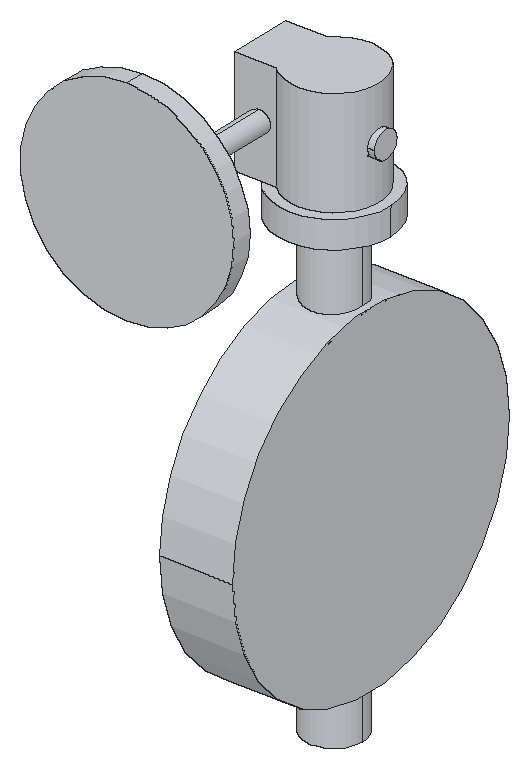
Revit family "HS497-67_disk-litina-převodové kolo DN400-RFA_2019", category Pipe Accessories, Revit 2019
Family settings
  Round Connector Dimension = Use Diameter
  Part Type = Valve - Breaks Into
  Work Plane-Based = No
  Always vertical = Yes
  Cut with Voids When Loaded = No
  Shared = No
Parameters (values of type "HS 497-67_DN400_PN10_převodové kolo")
  magiProductId = "cc64a4384dcb41b780d81810f4f293"
  magiProductFamilyId = "53cea81e6f374d17b8841d9c72ad77"
  magiPartTypeId = 305
  isMeasuringValve [instance] = no
  ang2D [instance] = 0.00°
  X11 = 109.255 mm
  X1 = 45.255 mm
  W2D = 1000 mm
  VersionID = "2.0/2017.9.26.1/ZETKAMA_497_001"
  Use Minimum Symbol Size [instance] = yes
  URL = "http://www.hydronic.cz"
  Type Comments = "mezipřírubová; litinový disk; PN10; -10~+110°C (krátkodobě +120°C)"
  SW30 = yes
  SW3 = yes
  SW21 = no
  SW20 = no
  SW2 = no
  SW1 = no
  R = 200 mm
  QmdConnectorList = "301;D;302;D"
  Productdata [instance] = ""
  NC = 72.5 mm
  Model = ""
  Manufacturer = "Hydronic Systems Prague s.r.o."
  MM20 = 45.255 mm
  MC Product Code = "125 400 (litinový disk, s převodovým kolem; DN400; PN10, kvs13799)"
  M41 = 103.5 mm
  M4 = 69 mm
  LHL = 220 mm
  LHH3 = 2.45 mm
  LHH1 = 46.55 mm
  LH1 = 73.333 mm
  L4R__ve = -L4R  # -27.8 mm
  L4R = 27.8 mm
  L42__ve = -L42  # -208.5 mm
  L42 = 208.5 mm
  L41__ve = -L41  # -41.7 mm
  L41 = 41.7 mm
  L2D_Min = 3048 mm
  L2D = 216 mm
  L2 = 51 mm
  L1 = 81.6 mm
  L = 102 mm
  H = 31 mm
  G22 = 11.25 mm
  G2 = 22.5 mm
  G1 = 90 mm
  G = 160 mm
  F = 27 mm
  E44 = 75 mm
  E42 = 150 mm
  E4 = 300 mm
  E23 = 4.9 mm
  E22 = 19.6 mm
  E21 = 9.8 mm
  Description = "Mezipřírubová uzavírací klapka s převodovým kolem; litinový disk, DN400; PN10; kvs13799"
  DR2 = 200 mm
  DR = 485 mm
  DD1 = 37.5 mm
  DD = 30 mm
  D = 400 mm
  CAT0 = yes
  B2__ve = -B2  # -108 mm
  B2 = 108 mm
  A2 = 38 mm
  A1 = 142 mm
Types (43, lengths in mm): name | magiProductId | X11 | X1 | Type Comments | SW30 | SW3 | SW20 | SW2 | SW1 | R | NC | MM20 | MC Product Code | M41 | M4 | LHL | LHH3 | LHH1 | LH1 | L4R__ve | L4R | L42__ve | L42 | L41__ve | L41 | L2 | L1 | L | H | G | F | E44 | E42 | E4 | E23 | E22 | E21 | Description | DR2 | DR | DD1 | DD | D | B2__ve | B2 | A2 | A1
  HS 497-67_DN100_PN16_volné vřeteno | "65d1b245f4f142c78569c0602d5754" | 61.456 | 25.456 | "mezipřírubová; litinový disk; PN16; -10~+110°C (krátkodobě +120°C)" | no | no | no | no | yes | 50 | 50 | 25.456 | "123 100 (litinový disk, s volným vřetenem; DN100; PN16, kvs512)" | 66 | 44 | 220 | 2.45 | 46.55 | 73.333 | -12.8 | 12.8 | -96 | 96 | -19.2 | 19.2 | 26 | 41.6 | 52 | 30 | 90 | 11 | 31.25 | 62.5 | 125 | 4.9 | 19.6 | 9.8 | "Mezipřírubová uzavírací klapka s volným vřetenem; litinový disk, DN100; PN16; kvs512" | 50 | 147 | 15.625 | 12.5 | 100 | -56 | 56 | 16.5 | 98.5
  HS 497-67_DN100_PN16_převodové kolo | "11e91b807e674d428c8e796fcdcfe2" | 61.456 | 25.456 | "mezipřírubová; litinový disk; PN16; -10~+110°C (krátkodobě +120°C)" | yes | yes | no | no | no | 50 | 50 | 25.456 | "125 100 (litinový disk, s převodovým kolem; DN100; PN16, kvs512)" | 65.25 | 43.5 | 220 | 2.45 | 46.55 | 73.333 | -12.8 | 12.8 | -96 | 96 | -19.2 | 19.2 | 26 | 41.6 | 52 | 30 | 90 | 11 | 31.25 | 62.5 | 125 | 4.9 | 19.6 | 9.8 | "Mezipřírubová uzavírací klapka s převodovým kolem; litinový disk, DN100; PN16; kvs512" | 50 | 147 | 15.625 | 12.5 | 100 | -56 | 56 | 16.5 | 98.5
  HS 497-67_DN100_PN16_s pákou | "28172f0b3f4b47b28323ac71cf8749" | 61.456 | 25.456 | "mezipřírubová; litinový disk; PN16; -10~+110°C (krátkodobě +120°C)" | no | no | yes | yes | no | 50 | 50 | 25.456 | "120 100 (litinový disk, s pákou; DN100; PN16, kvs512)" | 66 | 44 | 260 | 3 | 57 | 86.667 | -12.8 | 12.8 | -96 | 96 | -19.2 | 19.2 | 26 | 41.6 | 52 | 30 | 90 | 11 | 31.25 | 62.5 | 125 | 6 | 24 | 12 | "Mezipřírubová uzavírací klapka s pákou; litinový disk, DN100; PN16; kvs512" | 50 | 147 | 15.625 | 12.5 | 100 | -56 | 56 | 16.5 | 98.5
  HS 497-67_DN125_PN16_volné vřeteno | "0d813d910fc14f628bb3c2efbd185c" | 61.456 | 25.456 | "mezipřírubová; litinový disk; PN16; -10~+110°C (krátkodobě +120°C)" | no | no | no | no | yes | 62.5 | 50 | 25.456 | "123 125 (litinový disk, s volným vřetenem; DN125; PN16, kvs872)" | 66 | 44 | 220 | 2.45 | 46.55 | 73.333 | -12.8 | 12.8 | -96 | 96 | -19.2 | 19.2 | 28 | 44.8 | 56 | 33 | 90 | 14 | 31.25 | 62.5 | 125 | 4.9 | 19.6 | 9.8 | "Mezipřírubová uzavírací klapka s volným vřetenem; litinový disk, DN125; PN16; kvs872" | 62.5 | 180 | 15.625 | 12.5 | 125 | -64 | 64 | 18 | 99.5
  HS 497-67_DN125_PN16_převodové kolo | "c56b7c13f372467684996fb1e0e229" | 61.456 | 25.456 | "mezipřírubová; litinový disk; PN16; -10~+110°C (krátkodobě +120°C)" | yes | yes | no | no | no | 62.5 | 50 | 25.456 | "125 125 (litinový disk, s převodovým kolem; DN125; PN16, kvs872)" | 65.25 | 43.5 | 220 | 2.45 | 46.55 | 73.333 | -13.5 | 13.5 | -101.25 | 101.25 | -20.25 | 20.25 | 28 | 44.8 | 56 | 33 | 90 | 14 | 40 | 80 | 160 | 4.9 | 19.6 | 9.8 | "Mezipřírubová uzavírací klapka s převodovým kolem; litinový disk, DN125; PN16; kvs872" | 62.5 | 180 | 20 | 16 | 125 | -64 | 64 | 18 | 99.5
  HS 497-67_DN125_PN16_s pákou | "105993c79a91492399feef7931321a" | 61.456 | 25.456 | "mezipřírubová; litinový disk; PN16; -10~+110°C (krátkodobě +120°C)" | no | no | yes | yes | no | 62.5 | 50 | 25.456 | "120 125 (litinový disk, s pákou; DN125; PN16, kvs872)" | 66 | 44 | 315 | 3.75 | 71.25 | 105 | -12.8 | 12.8 | -96 | 96 | -19.2 | 19.2 | 28 | 44.8 | 56 | 33 | 90 | 14 | 31.25 | 62.5 | 125 | 7.5 | 30 | 15 | "Mezipřírubová uzavírací klapka s pákou; litinový disk, DN125; PN16; kvs872" | 62.5 | 180 | 15.625 | 12.5 | 125 | -64 | 64 | 18 | 99.5
  HS 497-67_DN150_PN16_volné vřeteno | "50c80cb8ab434f55ab7796e5ac1331" | 61.456 | 25.456 | "mezipřírubová; litinový disk; PN16; -10~+110°C (krátkodobě +120°C)" | no | no | no | no | yes | 75 | 50 | 25.456 | "123 150 (litinový disk, s volným vřetenem; DN150; PN16, kvs1347)" | 66 | 44 | 220 | 2.45 | 46.55 | 73.333 | -12.8 | 12.8 | -96 | 96 | -19.2 | 19.2 | 28 | 44.8 | 56 | 33 | 90 | 14 | 31.25 | 62.5 | 125 | 4.9 | 19.6 | 9.8 | "Mezipřírubová uzavírací klapka s volným vřetenem; litinový disk, DN150; PN16; kvs1347" | 75 | 206 | 15.625 | 12.5 | 150 | -58 | 58 | 19.3 | 98.7
  HS 497-67_DN150_PN16_převodové kolo | "d94a1a0cf83b476eb10011b327f709" | 61.456 | 25.456 | "mezipřírubová; litinový disk; PN16; -10~+110°C (krátkodobě +120°C)" | yes | yes | no | no | no | 75 | 50 | 25.456 | "125 150 (litinový disk, s převodovým kolem; DN150; PN16, kvs1347)" | 65.25 | 43.5 | 220 | 2.45 | 46.55 | 73.333 | -13.5 | 13.5 | -101.25 | 101.25 | -20.25 | 20.25 | 28 | 44.8 | 56 | 33 | 90 | 14 | 40 | 80 | 160 | 4.9 | 19.6 | 9.8 | "Mezipřírubová uzavírací klapka s převodovým kolem; litinový disk, DN150; PN16; kvs1347" | 75 | 206 | 20 | 16 | 150 | -58 | 58 | 19.3 | 98.7
  HS 497-67_DN150_PN16_s pákou | "4d2835523fe84828bc50ff0a5a0dfb" | 61.456 | 25.456 | "mezipřírubová; litinový disk; PN16; -10~+110°C (krátkodobě +120°C)" | no | no | yes | yes | no | 75 | 50 | 25.456 | "120 150 (litinový disk, s pákou; DN150; PN16, kvs1347)" | 66 | 44 | 315 | 3.75 | 71.25 | 105 | -12.8 | 12.8 | -96 | 96 | -19.2 | 19.2 | 28 | 44.8 | 56 | 33 | 90 | 14 | 31.25 | 62.5 | 125 | 7.5 | 30 | 15 | "Mezipřírubová uzavírací klapka s pákou; litinový disk, DN150; PN16; kvs1347" | 75 | 206 | 15.625 | 12.5 | 150 | -58 | 58 | 19.3 | 98.7
  HS 497-67_DN200_PN16_volné vřeteno | "5b29029eaeba47139ee1055a4b9201" | 61.456 | 25.456 | "mezipřírubová; litinový disk; PN16; -10~+110°C (krátkodobě +120°C)" | no | no | no | no | yes | 100 | 50 | 25.456 | "123 200 (litinový disk, s volným vřetenem; DN200; PN16, kvs2675)" | 66 | 44 | 220 | 2.45 | 46.55 | 73.333 | -12.8 | 12.8 | -96 | 96 | -19.2 | 19.2 | 30 | 48 | 60 | 33 | 90 | 17 | 31.25 | 62.5 | 125 | 4.9 | 19.6 | 9.8 | "Mezipřírubová uzavírací klapka s volným vřetenem; litinový disk, DN200; PN16; kvs2675" | 100 | 257 | 15.625 | 12.5 | 200 | -70 | 70 | 22.5 | 102.5
  HS 497-67_DN200_PN16_převodové kolo | "b2793cc1fcc44cf2a35062cd67c04f" | 61.456 | 25.456 | "mezipřírubová; litinový disk; PN16; -10~+110°C (krátkodobě +120°C)" | yes | yes | no | no | no | 100 | 57 | 25.456 | "125 200 (litinový disk, s převodovým kolem; DN200; PN16, kvs2675)" | 78.75 | 52.5 | 220 | 2.45 | 46.55 | 73.333 | -15.2 | 15.2 | -114 | 114 | -22.8 | 22.8 | 30 | 48 | 60 | 33 | 90 | 17 | 50 | 100 | 200 | 4.9 | 19.6 | 9.8 | "Mezipřírubová uzavírací klapka s převodovým kolem; litinový disk, DN200; PN16; kvs2675" | 100 | 257 | 25 | 20 | 200 | -70 | 70 | 22.5 | 102.5
  HS 497-67_DN200_PN16_s pákou | "f88d96c7af224537a51e72d7d8fffe" | 61.456 | 25.456 | "mezipřírubová; litinový disk; PN16; -10~+110°C (krátkodobě +120°C)" | no | no | yes | yes | no | 100 | 50 | 25.456 | "120 200 (litinový disk, s pákou; DN200; PN16, kvs2675)" | 66 | 44 | 315 | 3.75 | 71.25 | 105 | -12.8 | 12.8 | -96 | 96 | -19.2 | 19.2 | 30 | 48 | 60 | 33 | 90 | 17 | 31.25 | 62.5 | 125 | 7.5 | 30 | 15 | "Mezipřírubová uzavírací klapka s pákou; litinový disk, DN200; PN16; kvs2675" | 100 | 257 | 15.625 | 12.5 | 200 | -70 | 70 | 22.5 | 102.5
  HS 497-67_DN250_PN16_volné vřeteno | "b662e8305ca2402b9c510e66e6aa55" | 88.77 | 36.77 | "mezipřírubová; litinový disk; PN16; -10~+110°C (krátkodobě +120°C)" | no | no | no | no | yes | 125 | 50 | 36.77 | "123 250 (litinový disk, s volným vřetenem; DN250; PN16, kvs4555)" | 66 | 44 | 220 | 2.45 | 46.55 | 73.333 | -12.8 | 12.8 | -96 | 96 | -19.2 | 19.2 | 34 | 54.4 | 68 | 23 | 130 | 22 | 31.25 | 62.5 | 125 | 4.9 | 19.6 | 9.8 | "Mezipřírubová uzavírací klapka s volným vřetenem; litinový disk, DN250; PN16; kvs4555" | 125 | 324 | 15.625 | 12.5 | 250 | -85 | 85 | 28.25 | 129.25
  HS 497-67_DN250_PN16_převodové kolo | "5ee9016806664ddfaa2632711f295c" | 88.77 | 36.77 | "mezipřírubová; litinový disk; PN16; -10~+110°C (krátkodobě +120°C)" | yes | yes | no | no | no | 125 | 70 | 36.77 | "125 250 (litinový disk, s převodovým kolem; DN250; PN16, kvs4555)" | 91.5 | 61 | 220 | 2.45 | 46.55 | 73.333 | -22.2 | 22.2 | -166.5 | 166.5 | -33.3 | 33.3 | 34 | 54.4 | 68 | 23 | 130 | 22 | 62.5 | 125 | 250 | 4.9 | 19.6 | 9.8 | "Mezipřírubová uzavírací klapka s převodovým kolem; litinový disk, DN250; PN16; kvs4555" | 125 | 324 | 31.25 | 25 | 250 | -85 | 85 | 28.25 | 129.25
  HS 497-67_DN300_PN16_volné vřeteno | "e1886f51ff004380a649519258edf2" | 88.77 | 36.77 | "mezipřírubová; litinový disk; PN16; -10~+110°C (krátkodobě +120°C)" | no | no | no | no | yes | 150 | 50 | 36.77 | "123 300 (litinový disk, s volným vřetenem; DN300; PN16, kvs7037)" | 66 | 44 | 220 | 2.45 | 46.55 | 73.333 | -12.8 | 12.8 | -96 | 96 | -19.2 | 19.2 | 39 | 62.4 | 78 | 23 | 130 | 22 | 31.25 | 62.5 | 125 | 4.9 | 19.6 | 9.8 | "Mezipřírubová uzavírací klapka s volným vřetenem; litinový disk, DN300; PN16; kvs7037" | 150 | 376 | 15.625 | 12.5 | 300 | -90 | 90 | 30.8 | 127.2
  HS 497-67_DN300_PN16_převodové kolo | "6860f094f77d42088fbebc3c97f755" | 88.77 | 36.77 | "mezipřírubová; litinový disk; PN16; -10~+110°C (krátkodobě +120°C)" | yes | yes | no | no | no | 150 | 70 | 36.77 | "125 300 (litinový disk, s převodovým kolem; DN300; PN16, kvs7037)" | 91.5 | 61 | 220 | 2.45 | 46.55 | 73.333 | -22.2 | 22.2 | -166.5 | 166.5 | -33.3 | 33.3 | 39 | 62.4 | 78 | 23 | 130 | 22 | 62.5 | 125 | 250 | 4.9 | 19.6 | 9.8 | "Mezipřírubová uzavírací klapka s převodovým kolem; litinový disk, DN300; PN16; kvs7037" | 150 | 376 | 31.25 | 25 | 300 | -90 | 90 | 30.8 | 127.2
  HS 497-67_DN032_PN16_volné vřeteno | "8c5f65de52aa4067a77564107e31b2" | 61.456 | 25.456 | "mezipřírubová; litinový disk; PN16; -10~+110°C (krátkodobě +120°C)" | no | no | no | no | yes | 16 | 50 | 25.456 | "123 032 (litinový disk, s volným vřetenem; DN32; PN16, kvs78)" | 66 | 44 | 220 | 2.45 | 46.55 | 73.333 | -12.8 | 12.8 | -96 | 96 | -19.2 | 19.2 | 16.5 | 26.4 | 33 | 30 | 90 | 11 | 31.25 | 62.5 | 125 | 4.9 | 19.6 | 9.8 | "Mezipřírubová uzavírací klapka s volným vřetenem; litinový disk, DN32; PN16; kvs78" | 16 | 68 | 15.625 | 12.5 | 32 | -44.2 | 44.2 | 10.25 | 76.25
  HS 497-67_DN032_PN16_převodové kolo | "60aaeffa8b3a4e809ef000e4660060" | 61.456 | 25.456 | "mezipřírubová; litinový disk; PN16; -10~+110°C (krátkodobě +120°C)" | yes | yes | no | no | no | 16 | 50 | 25.456 | "125 032 (litinový disk, s převodovým kolem; DN32; PN16, kvs78)" | 65.25 | 43.5 | 220 | 2.45 | 46.55 | 73.333 | -12.8 | 12.8 | -96 | 96 | -19.2 | 19.2 | 16.5 | 26.4 | 33 | 30 | 90 | 11 | 31.25 | 62.5 | 125 | 4.9 | 19.6 | 9.8 | "Mezipřírubová uzavírací klapka s převodovým kolem; litinový disk, DN32; PN16; kvs78" | 16 | 68 | 15.625 | 12.5 | 32 | -44.2 | 44.2 | 10.25 | 76.25
  HS 497-67_DN032_PN16_s pákou | "9ad8088d610749a1b871aa2aad8007" | 61.456 | 25.456 | "mezipřírubová; litinový disk; PN16; -10~+110°C (krátkodobě +120°C)" | no | no | yes | yes | no | 16 | 50 | 25.456 | "120 032 (litinový disk, s pákou; DN32; PN16, kvs78)" | 66 | 44 | 220 | 2.45 | 46.55 | 73.333 | -12.8 | 12.8 | -96 | 96 | -19.2 | 19.2 | 16.5 | 26.4 | 33 | 30 | 90 | 11 | 31.25 | 62.5 | 125 | 4.9 | 19.6 | 9.8 | "Mezipřírubová uzavírací klapka s pákou; litinový disk, DN32; PN16; kvs78" | 16 | 68 | 15.625 | 12.5 | 32 | -44.2 | 44.2 | 10.25 | 76.25
  HS 497-67_DN350_PN10_volné vřeteno | "72a1e05f22944421b7e9596a877137" | 109.255 | 45.255 | "mezipřírubová; litinový disk; PN10; -10~+110°C (krátkodobě +120°C)" | no | no | no | no | yes | 175 | 50 | 45.255 | "123 350 (litinový disk, s volným vřetenem; DN350; PN10, kvs10165)" | 66 | 44 | 220 | 2.45 | 46.55 | 73.333 | -12.8 | 12.8 | -96 | 96 | -19.2 | 19.2 | 39 | 62.4 | 78 | 31 | 160 | 22 | 31.25 | 62.5 | 125 | 4.9 | 19.6 | 9.8 | "Mezipřírubová uzavírací klapka s volným vřetenem; litinový disk, DN350; PN10; kvs10165" | 175 | 430 | 15.625 | 12.5 | 350 | -88 | 88 | 33.85 | 129.65
  HS 497-67_DN350_PN10_převodové kolo | "a5a01426cb28494ba3afca92f1dace" | 109.255 | 45.255 | "mezipřírubová; litinový disk; PN10; -10~+110°C (krátkodobě +120°C)" | yes | yes | no | no | no | 175 | 70 | 45.255 | "125 350 (litinový disk, s převodovým kolem; DN350; PN10, kvs10165)" | 91.5 | 61 | 220 | 2.45 | 46.55 | 73.333 | -22.2 | 22.2 | -166.5 | 166.5 | -33.3 | 33.3 | 39 | 62.4 | 78 | 31 | 160 | 22 | 62.5 | 125 | 250 | 4.9 | 19.6 | 9.8 | "Mezipřírubová uzavírací klapka s převodovým kolem; litinový disk, DN350; PN10; kvs10165" | 175 | 430 | 31.25 | 25 | 350 | -88 | 88 | 33.85 | 129.65
  HS 497-67_DN400_PN10_volné vřeteno | "c70ebeb927c04ab99b176e257ad0a7" | 109.255 | 45.255 | "mezipřírubová; litinový disk; PN10; -10~+110°C (krátkodobě +120°C)" | no | no | no | no | yes | 200 | 50 | 45.255 | "123 400 (litinový disk, s volným vřetenem; DN400; PN10, kvs13799)" | 66 | 44 | 220 | 2.45 | 46.55 | 73.333 | -12.8 | 12.8 | -96 | 96 | -19.2 | 19.2 | 51 | 81.6 | 102 | 31 | 160 | 27 | 31.25 | 62.5 | 125 | 4.9 | 19.6 | 9.8 | "Mezipřírubová uzavírací klapka s volným vřetenem; litinový disk, DN400; PN10; kvs13799" | 200 | 485 | 15.625 | 12.5 | 400 | -108 | 108 | 38 | 142
  HS 497-67_DN400_PN10_převodové kolo | "cc64a4384dcb41b780d81810f4f293" | 109.255 | 45.255 | "mezipřírubová; litinový disk; PN10; -10~+110°C (krátkodobě +120°C)" | yes | yes | no | no | no | 200 | 72.5 | 45.255 | "125 400 (litinový disk, s převodovým kolem; DN400; PN10, kvs13799)" | 103.5 | 69 | 220 | 2.45 | 46.55 | 73.333 | -27.8 | 27.8 | -208.5 | 208.5 | -41.7 | 41.7 | 51 | 81.6 | 102 | 31 | 160 | 27 | 75 | 150 | 300 | 4.9 | 19.6 | 9.8 | "Mezipřírubová uzavírací klapka s převodovým kolem; litinový disk, DN400; PN10; kvs13799" | 200 | 485 | 37.5 | 30 | 400 | -108 | 108 | 38 | 142
  HS 497-67_DN040_PN16_volné vřeteno | "35f92312390745e88df5b5c325d9ee" | 61.456 | 25.456 | "mezipřírubová; litinový disk; PN16; -10~+110°C (krátkodobě +120°C)" | no | no | no | no | yes | 20 | 50 | 25.456 | "123 040 (litinový disk, s volným vřetenem; DN40; PN16, kvs78)" | 66 | 44 | 220 | 2.45 | 46.55 | 73.333 | -12.8 | 12.8 | -96 | 96 | -19.2 | 19.2 | 16.5 | 26.4 | 33 | 30 | 90 | 11 | 31.25 | 62.5 | 125 | 4.9 | 19.6 | 9.8 | "Mezipřírubová uzavírací klapka s volným vřetenem; litinový disk, DN40; PN16; kvs78" | 20 | 76 | 15.625 | 12.5 | 40 | -36 | 36 | 11 | 79
  HS 497-67_DN040_PN16_převodové kolo | "d88e968eae3445bc9b7b4e6ff35127" | 61.456 | 25.456 | "mezipřírubová; litinový disk; PN16; -10~+110°C (krátkodobě +120°C)" | yes | yes | no | no | no | 20 | 50 | 25.456 | "125 040 (litinový disk, s převodovým kolem; DN40; PN16, kvs78)" | 65.25 | 43.5 | 220 | 2.45 | 46.55 | 73.333 | -12.8 | 12.8 | -96 | 96 | -19.2 | 19.2 | 16.5 | 26.4 | 33 | 30 | 90 | 11 | 31.25 | 62.5 | 125 | 4.9 | 19.6 | 9.8 | "Mezipřírubová uzavírací klapka s převodovým kolem; litinový disk, DN40; PN16; kvs78" | 20 | 76 | 15.625 | 12.5 | 40 | -36 | 36 | 11 | 79
  HS 497-67_DN040_PN16_s pákou | "c1b522ca65b4407a98818f232eaacb" | 61.456 | 25.456 | "mezipřírubová; litinový disk; PN16; -10~+110°C (krátkodobě +120°C)" | no | no | yes | yes | no | 20 | 50 | 25.456 | "120 040 (litinový disk, s pákou; DN40; PN16, kvs78)" | 66 | 44 | 220 | 2.45 | 46.55 | 73.333 | -12.8 | 12.8 | -96 | 96 | -19.2 | 19.2 | 16.5 | 26.4 | 33 | 30 | 90 | 11 | 31.25 | 62.5 | 125 | 4.9 | 19.6 | 9.8 | "Mezipřírubová uzavírací klapka s pákou; litinový disk, DN40; PN16; kvs78" | 20 | 76 | 15.625 | 12.5 | 40 | -36 | 36 | 11 | 79
  HS 497-67_DN450_PN10_volné vřeteno | "a8358bc282f14872b3194e530e590a" | 129.74 | 53.74 | "mezipřírubová; litinový disk; PN10; -10~+110°C (krátkodobě +120°C)" | no | no | no | no | yes | 225 | 50 | 53.74 | "123 450 (litinový disk, s volným vřetenem; DN450; PN10, kvs18514)" | 66 | 44 | 220 | 2.45 | 46.55 | 73.333 | -12.8 | 12.8 | -96 | 96 | -19.2 | 19.2 | 57 | 91.2 | 114 | 38 | 190 | 36 | 31.25 | 62.5 | 125 | 4.9 | 19.6 | 9.8 | "Mezipřírubová uzavírací klapka s volným vřetenem; litinový disk, DN450; PN10; kvs18514" | 225 | 536 | 15.625 | 12.5 | 450 | -115 | 115 | 38.05 | 117.45
  HS 497-67_DN450_PN10_převodové kolo | "cdf2d80f54a9414f9cbe50647c0ebd" | 129.74 | 53.74 | "mezipřírubová; litinový disk; PN10; -10~+110°C (krátkodobě +120°C)" | yes | yes | no | no | no | 225 | 91.5 | 53.74 | "125 450 (litinový disk, s převodovým kolem; DN450; PN10, kvs18514)" | 144.75 | 96.5 | 220 | 2.45 | 46.55 | 73.333 | -32.1 | 32.1 | -240.75 | 240.75 | -48.15 | 48.15 | 57 | 91.2 | 114 | 38 | 190 | 36 | 100 | 200 | 400 | 4.9 | 19.6 | 9.8 | "Mezipřírubová uzavírací klapka s převodovým kolem; litinový disk, DN450; PN10; kvs18514" | 225 | 536 | 50 | 40 | 450 | -115 | 115 | 38.05 | 117.45
  HS 497-67_DN500_PN10_volné vřeteno | "8c396e27bb2743f98f3c762b6517cd" | 143.397 | 59.397 | "mezipřírubová; litinový disk; PN10; -10~+110°C (krátkodobě +120°C)" | no | no | no | no | yes | 250 | 50 | 59.397 | "123 500 (litinový disk, s volným vřetenem; DN500; PN10, kvs23805)" | 66 | 44 | 220 | 2.45 | 46.55 | 73.333 | -12.8 | 12.8 | -96 | 96 | -19.2 | 19.2 | 63.5 | 101.6 | 127 | 38 | 210 | 36 | 31.25 | 62.5 | 125 | 4.9 | 19.6 | 9.8 | "Mezipřírubová uzavírací klapka s volným vřetenem; litinový disk, DN500; PN10; kvs23805" | 250 | 593 | 15.625 | 12.5 | 500 | -130 | 130 | 43.25 | 139.25
  HS 497-67_DN500_PN10_převodové kolo | "7647804f32e94cef828a7034a91a46" | 143.397 | 59.397 | "mezipřírubová; litinový disk; PN10; -10~+110°C (krátkodobě +120°C)" | yes | yes | no | no | no | 250 | 91.5 | 59.397 | "125 500 (litinový disk, s převodovým kolem; DN500; PN10, kvs23805)" | 144.75 | 96.5 | 220 | 2.45 | 46.55 | 73.333 | -32.1 | 32.1 | -240.75 | 240.75 | -48.15 | 48.15 | 63.5 | 101.6 | 127 | 38 | 210 | 36 | 100 | 200 | 400 | 4.9 | 19.6 | 9.8 | "Mezipřírubová uzavírací klapka s převodovým kolem; litinový disk, DN500; PN10; kvs23805" | 250 | 593 | 50 | 40 | 500 | -130 | 130 | 43.25 | 139.25
  HS 497-67_DN050_volné vřeteno | "d71f296ecd6d4adf8f6e5d9853b4e0" | 61.456 | 25.456 | "mezipřírubová; litinový disk; PN16; -10~+110°C (krátkodobě +120°C)" | no | no | no | no | yes | 25 | 50 | 25.456 | "123 050 (litinový disk, s volným vřetenem; DN50; PN16, kvs98)" | 66 | 44 | 220 | 2.45 | 46.55 | 73.333 | -12.8 | 12.8 | -96 | 96 | -19.2 | 19.2 | 21.5 | 34.4 | 43 | 30 | 90 | 11 | 31.25 | 62.5 | 125 | 4.9 | 19.6 | 9.8 | "Mezipřírubová uzavírací klapka s volným vřetenem; litinový disk, DN50; PN16; kvs98" | 25 | 100 | 15.625 | 12.5 | 50 | -36.5 | 36.5 | 12 | 83
  HS 497-67_DN050_PN16_převodové kolo | "2fb080deeaed49c58418b94c1da5a4" | 61.456 | 25.456 | "mezipřírubová; litinový disk; PN16; -10~+110°C (krátkodobě +120°C)" | yes | yes | no | no | no | 25 | 50 | 25.456 | "125 050 (litinový disk, s převodovým kolem; DN50; PN16, kvs98)" | 65.25 | 43.5 | 220 | 2.45 | 46.55 | 73.333 | -12.8 | 12.8 | -96 | 96 | -19.2 | 19.2 | 21.5 | 34.4 | 43 | 30 | 90 | 11 | 31.25 | 62.5 | 125 | 4.9 | 19.6 | 9.8 | "Mezipřírubová uzavírací klapka s převodovým kolem; litinový disk, DN50; PN16; kvs98" | 25 | 100 | 15.625 | 12.5 | 50 | -36.5 | 36.5 | 12 | 83
  HS 497-67_DN050_PN16_s pákou | "dabc632061f94877a994b9b4e68112" | 61.456 | 25.456 | "mezipřírubová; litinový disk; PN16; -10~+110°C (krátkodobě +120°C)" | no | no | yes | yes | no | 25 | 50 | 25.456 | "120 050 (litinový disk, s pákou; DN50; PN16, kvs98)" | 66 | 44 | 220 | 2.45 | 46.55 | 73.333 | -12.8 | 12.8 | -96 | 96 | -19.2 | 19.2 | 21.5 | 34.4 | 43 | 30 | 90 | 11 | 31.25 | 62.5 | 125 | 4.9 | 19.6 | 9.8 | "Mezipřírubová uzavírací klapka s pákou; litinový disk, DN50; PN16; kvs98" | 25 | 100 | 15.625 | 12.5 | 50 | -36.5 | 36.5 | 12 | 83
  HS 497-67_DN600_PN10_volné vřeteno | "99d5892c14664fce81a7c5903f7711" | 143.397 | 59.397 | "mezipřírubová; litinový disk; PN10; -10~+110°C (krátkodobě +120°C)" | no | no | no | no | yes | 300 | 50 | 59.397 | "123 600 (litinový disk, s volným vřetenem; DN600; PN10, kvs36778)" | 66 | 44 | 220 | 2.45 | 46.55 | 73.333 | -12.8 | 12.8 | -96 | 96 | -19.2 | 19.2 | 77 | 123.2 | 154 | 80 | 210 | 60 | 31.25 | 62.5 | 125 | 4.9 | 19.6 | 9.8 | "Mezipřírubová uzavírací klapka s volným vřetenem; litinový disk, DN600; PN10; kvs36788" | 300 | 690 | 15.625 | 12.5 | 600 | -140 | 140 | 49.4 | 144.6
  HS 497-67_DN600_PN10_převodové kolo | "b1e26faab48a4c499f6bb11e7e3002" | 143.397 | 59.397 | "mezipřírubová; litinový disk; PN10; -10~+110°C (krátkodobě +120°C)" | yes | yes | no | no | no | 300 | 140 | 59.397 | "125 600 (litinový disk, s převodovým kolem; DN600; PN10, kvs36778)" | 206.25 | 137.5 | 220 | 2.45 | 46.55 | 73.333 | -40.8 | 40.8 | -306 | 306 | -61.2 | 61.2 | 77 | 123.2 | 154 | 80 | 210 | 60 | 125 | 250 | 500 | 4.9 | 19.6 | 9.8 | "Mezipřírubová uzavírací klapka s převodovým kolem; litinový disk, DN600; PN10; kvs36788" | 300 | 690 | 62.5 | 50 | 600 | -140 | 140 | 49.4 | 144.6
  HS 497-67_DN065_PN16_volné vřeteno | "5e5e208646e34ec29f889baab5d08e" | 61.456 | 25.456 | "mezipřírubová; litinový disk; PN16; -10~+110°C (krátkodobě +120°C)" | no | no | no | no | yes | 32.5 | 50 | 25.456 | "123 065 (litinový disk, s volným vřetenem; DN65; PN16, kvs167)" | 66 | 44 | 220 | 2.45 | 46.55 | 73.333 | -12.8 | 12.8 | -96 | 96 | -19.2 | 19.2 | 23 | 36.8 | 46 | 30 | 90 | 11 | 31.25 | 62.5 | 125 | 4.9 | 19.6 | 9.8 | "Mezipřírubová uzavírací klapka s volným vřetenem; litinový disk, DN65; PN16; kv167" | 32.5 | 108 | 15.625 | 12.5 | 65 | -36.5 | 36.5 | 13.5 | 89
  HS 497-67_DN065_PN16_převodové kolo | "654d74c8d15540b0bfe523d988ccb3" | 61.456 | 25.456 | "mezipřírubová; litinový disk; PN16; -10~+110°C (krátkodobě +120°C)" | yes | yes | no | no | no | 32.5 | 50 | 25.456 | "125 065 (litinový disk, s převodovým kolem; DN65; PN16, kvs167)" | 65.25 | 43.5 | 220 | 2.45 | 46.55 | 73.333 | -12.8 | 12.8 | -96 | 96 | -19.2 | 19.2 | 23 | 36.8 | 46 | 30 | 90 | 11 | 31.25 | 62.5 | 125 | 4.9 | 19.6 | 9.8 | "Mezipřírubová uzavírací klapka s převodovým kolem; litinový disk, DN65; PN16; kvs167" | 32.5 | 108 | 15.625 | 12.5 | 65 | -36.5 | 36.5 | 13.5 | 89
  HS 497-67_DN065_PN16_s pákou | "ebeb4b59db0641caaf6d6635ab37b9" | 61.456 | 25.456 | "mezipřírubová; litinový disk; PN16; -10~+110°C (krátkodobě +120°C)" | no | no | yes | yes | no | 32.5 | 50 | 25.456 | "120 065 (litinový disk, s pákou; DN65; PN16, kvs167)" | 66 | 44 | 220 | 2.45 | 46.55 | 73.333 | -12.8 | 12.8 | -96 | 96 | -19.2 | 19.2 | 23 | 36.8 | 46 | 30 | 90 | 11 | 31.25 | 62.5 | 125 | 4.9 | 19.6 | 9.8 | "Mezipřírubová uzavírací klapka s pákou; litinový disk, DN65; PN16; kvs167" | 32.5 | 108 | 15.625 | 12.5 | 65 | -36.5 | 36.5 | 13.5 | 89
  HS 497-67_DN080_PN16_volné vřeteno | "9e85c75c18654e1185a9c48ed6b00e" | 61.456 | 25.456 | "mezipřírubová; litinový disk; PN16; -10~+110°C (krátkodobě +120°C)" | no | no | no | no | yes | 40 | 50 | 25.456 | "123 080 (litinový disk, s volným vřetenem; DN80; PN16, kvs258)" | 66 | 44 | 220 | 2.45 | 46.55 | 73.333 | -12.8 | 12.8 | -96 | 96 | -19.2 | 19.2 | 23 | 36.8 | 46 | 30 | 90 | 11 | 31.25 | 62.5 | 125 | 4.9 | 19.6 | 9.8 | "Mezipřírubová uzavírací klapka s volným vřetenem; litinový disk, DN80; PN16; kvs258" | 40 | 124 | 15.625 | 12.5 | 80 | -54 | 54 | 14.1 | 86.9
  HS 497-67_DN080_PN16_převodové kolo | "5b3c8238c3d041e68c75b199e7ea46" | 61.456 | 25.456 | "mezipřírubová; litinový disk; PN16; -10~+110°C (krátkodobě +120°C)" | yes | yes | no | no | no | 40 | 50 | 25.456 | "125 080 (litinový disk, s převodovým kolem; DN80; PN16, kvs258)" | 65.25 | 43.5 | 220 | 2.45 | 46.55 | 73.333 | -12.8 | 12.8 | -96 | 96 | -19.2 | 19.2 | 23 | 36.8 | 46 | 30 | 90 | 11 | 31.25 | 62.5 | 125 | 4.9 | 19.6 | 9.8 | "Mezipřírubová uzavírací klapka s převodovým kolem; litinový disk, DN80; PN16; kvs258" | 40 | 124 | 15.625 | 12.5 | 80 | -54 | 54 | 14.1 | 86.9
  HS 497-67_DN080_PN16_s pákou | "e414795fab0f4eccb99bc3572c5477" | 61.456 | 25.456 | "mezipřírubová; litinový disk; PN16; -10~+110°C (krátkodobě +120°C)" | no | no | yes | yes | no | 40 | 50 | 25.456 | "120 080 (litinový disk, s pákou; DN80; PN16, kvs258)" | 66 | 44 | 260 | 3 | 57 | 86.667 | -12.8 | 12.8 | -96 | 96 | -19.2 | 19.2 | 23 | 36.8 | 46 | 30 | 90 | 11 | 31.25 | 62.5 | 125 | 6 | 24 | 12 | "Mezipřírubová uzavírací klapka s pákou; litinový disk, DN80; PN16; kvs258" | 40 | 124 | 15.625 | 12.5 | 80 | -54 | 54 | 14.1 | 86.9
  HS 497-67_DN250_PN16_s pákou | "" | 88.77 | 36.77 | "mezipřírubová; litinový disk; PN16; -10~+110°C (krátkodobě +120°C)" | no | no | yes | yes | no | 125 | 70 | 36.77 | "120 250 (litinový disk, s pákou; DN250; PN16, kvs4555)" | 91.5 | 61 | 220 | 2.45 | 46.55 | 73.333 | -22.2 | 22.2 | -166.5 | 166.5 | -33.3 | 33.3 | 34 | 54.4 | 68 | 23 | 130 | 22 | 62.5 | 125 | 250 | 4.9 | 19.6 | 9.8 | "Mezipřírubová uzavírací klapka s pákou; litinový disk, DN250; PN16; kvs4555" | 125 | 324 | 31.25 | 25 | 250 | -85 | 85 | 28.25 | 129.25
  HS 497-67_DN300_PN16_s pákou | "" | 88.77 | 36.77 | "mezipřírubová; litinový disk; PN16; -10~+110°C (krátkodobě +120°C)" | no | no | yes | yes | no | 150 | 70 | 36.77 | "120 300 (litinový disk, s pákou; DN300; PN16, kvs7037)" | 91.5 | 61 | 220 | 2.45 | 46.55 | 73.333 | -22.2 | 22.2 | -166.5 | 166.5 | -33.3 | 33.3 | 39 | 62.4 | 78 | 23 | 130 | 22 | 62.5 | 125 | 250 | 4.9 | 19.6 | 9.8 | "Mezipřírubová uzavírací klapka s pákou; litinový disk, DN300; PN16; kvs7037" | 150 | 376 | 31.25 | 25 | 300 | -90 | 90 | 30.8 | 127.2
Reference planes
  plane 1 "Center (Front/Back)": y = 0
  plane 2 "XYPLANE": z = 0
  plane 3 "Center (Left/Right)": x = 0
  plane 4 "473": x = -45.255
  plane 5 "472": x = -103.5
  plane 6 "471": y = -45.255
  plane 7 "470": y = 45.255
  plane 8 "469": x = -69
  plane 9 "468": y = -250.2
  plane 10 "467": y = -208.5
  plane 11 "466": z = 455
  plane 12 "465": z = 426.55
  plane 13 "464": y = 145.417
  plane 14 "463": z = 416.75
  plane 15 "462": z = 399.6
  plane 16 "461": z = 409.4
  plane 17 "460": y = 72.083
  plane 18 "459": x = -11.25
  plane 19 "458": x = 11.25
  plane 20 "457": y = -6.25
  plane 21 "456": x = -17.5
  plane 22 "455": x = 17.5
  plane 23 "454": z = 414.3
  plane 24 "453": y = 62.083
  plane 25 "452": y = -11.25
  plane 26 "451": x = -22.5
  plane 27 "450": x = 22.5
  plane 28 "449": z = 394.7
  plane 29 "448": z = 389.8
  plane 30 "447": z = -200
  plane 31 "446": z = 380
  plane 32 "445": z = 342
  plane 33 "444": z = 200
  plane 34 "443": x = 51
  plane 35 "442": x = -51
  plane 36 "441": z = 0
  plane 37 "440": y = 0
  plane 38 "439": x = 0
  plane 39 "438": z = 429
  plane 40 "437": z = 414.3
  plane 41 "436": x = 13.7
  plane 42 "435": x = -13.7
  plane 43 "434": y = 220
Forms (mm)
  Extrusion 1, solid, visible <- "SW3"
    sketch origin (-750, 0, 380) x (1, 0, 0) y (0, 1, 0)
      loop
        line (646.5, 45.255) -> (646.5, -45.255) -> (704.745, -45.255)
        arc (704.745, -45.255) -> (814, 0) -> (704.745, 45.255) r 64
        line (704.745, 45.255) -> (646.5, 45.255)
    from 0 to 150 <- "E42"
  Extrusion 2, solid, visible <- "SW30"
    sketch origin (0, -750, 0) x (0, 1, 0) y (0, 0, 1)
      loop
        circle (750, 455) r 18.75
    from 0 to 72.5 <- "NC"
  Extrusion 3, solid, visible <- "SW30"
    sketch origin (750, -250.2, 0) x (-1, 0, 0) y (0, 0, 1)
      loop
        circle (819, 455) r 150
    from 0 to -27.8 <- "L4R__ve"
  Extrusion 4, solid, visible <- "SW3"
    sketch origin (750, -208.5, 0) x (-1, 0, 0) y (0, 0, 1)
      loop
        circle (819, 455) r 18.75
    from 0 to -41.7 <- "L41__ve"
  Extrusion 5, solid, visible <- "SW30"
    sketch origin (750, 0, 0) x (-1, 0, 0) y (0, 0, 1)
      loop
        circle (819, 455) r 15
    from 0 to -208.5 <- "L42__ve"
  Blend 6, solid, visible <- "SW21"
    base sketch origin (750, 72.083, 0) x (-1, 0, 0) y (0, 0, 1)
      loop
        line (761.25, 409.4) -> (738.75, 409.4) -> (738.75, 399.6) -> (761.25, 399.6) -> (761.25, 409.4)
    top sketch origin (750, 72.083, 0) x (-1, 0, 0) y (0, 0, 1)
      loop
        line (761.25, 426.55) -> (738.75, 426.55) -> (738.75, 416.75) -> (761.25, 416.75) -> (761.25, 426.55)
    from 0 to 73.333
  Blend 7, solid, visible <- "SW21"
    base sketch origin (750, 62.083, 0) x (-1, 0, 0) y (0, 0, 1)
      loop
        line (761.25, 414.3) -> (738.75, 414.3) -> (738.75, 394.7) -> (761.25, 394.7) -> (761.25, 414.3)
    top sketch origin (750, 62.083, 0) x (-1, 0, 0) y (0, 0, 1)
      loop
        line (761.25, 409.4) -> (738.75, 409.4) -> (738.75, 399.6) -> (761.25, 399.6) -> (761.25, 409.4)
    from 0 to 10
  Blend 8, solid, visible <- "SW21"
    base sketch origin (-750, 0, 394.7) x (1, 0, 0) y (0, 1, 0)
      loop
        line (772.5, 62.083) -> (727.5, 62.083) -> (727.5, -11.25)
        arc (727.5, -11.25) -> (750, -31.25) -> (772.5, -11.25) r 22.656
        line (772.5, -11.25) -> (772.5, 62.083)
    top sketch origin (-750, 0, 394.7) x (1, 0, 0) y (0, 1, 0)
      loop
        line (767.5, 62.083) -> (732.5, 62.083) -> (732.5, -6.25)
        arc (732.5, -6.25) -> (750, -26.25) -> (767.5, -6.25) r 17.656
        line (767.5, -6.25) -> (767.5, 62.083)
    from 0 to 19.6
  Extrusion 9, solid, visible <- "SW2"
    sketch origin (-750, 0, 389.8) x (1, 0, 0) y (0, 1, 0)
      loop
        circle (750, 0) r 11.25
    from 0 to 4.9 <- "E23"
  Extrusion 10, solid, visible <- "SW2"
    sketch origin (-750, 0, 380) x (1, 0, 0) y (0, 1, 0)
      loop
        circle (750, 0) r 45
    from 0 to 9.8 <- "E21"
  Extrusion 11, solid, visible <- "CAT0"
    sketch origin (-750, 0, -200) x (1, 0, 0) y (0, 1, 0)
      loop
        circle (750, 0) r 40.8
    from 0 to -108 <- "B2__ve"
  Extrusion 12, solid, visible <- "CAT0"
    sketch origin (-750, 0, 342) x (1, 0, 0) y (0, 1, 0)
      loop
        circle (750, 0) r 80
    from 0 to 38 <- "A2"
  Extrusion 13, solid, visible <- "CAT0"
    sketch origin (-750, 0, 200) x (1, 0, 0) y (0, 1, 0)
      loop
        circle (750, 0) r 40.8
    from 0 to 142 <- "A1"
  Extrusion 14, solid, visible <- "CAT0"
    sketch origin (-51, -750, 0) x (0, 1, 0) y (0, 0, 1)
      loop
        circle (750, 0) r 242.5
    from 0 to 102 <- "L"
  Extrusion 15, solid, visible <- "SW1"
    sketch origin (-750, 0, 380) x (1, 0, 0) y (0, 1, 0)
      loop
        line (763.5, 13.5) -> (736.5, 13.5) -> (736.5, -13.5) -> (763.5, -13.5) -> (763.5, 13.5)
    from 0 to 31 <- "H"
  Blend 16, solid, visible <- "SW2"
    base sketch origin (750, 145.417, 0) x (-1, 0, 0) y (0, 0, 1)
      loop
        arc (763.7, 424) -> (762.236, 427.536) -> (758.7, 429) r 5
        line (758.7, 429) -> (741.3, 429)
        arc (741.3, 429) -> (737.764, 427.536) -> (736.3, 424) r 5
        line (736.3, 424) -> (736.3, 419.3)
        arc (736.3, 419.3) -> (737.764, 415.764) -> (741.3, 414.3) r 5
        line (741.3, 414.3) -> (758.7, 414.3)
        arc (758.7, 414.3) -> (762.236, 415.764) -> (763.7, 419.3) r 5
        line (763.7, 419.3) -> (763.7, 424)
    top sketch origin (750, 145.417, 0) x (-1, 0, 0) y (0, 0, 1)
      loop
        arc (763.7, 424) -> (762.236, 427.536) -> (758.7, 429) r 5
        line (758.7, 429) -> (741.3, 429)
        arc (741.3, 429) -> (737.764, 427.536) -> (736.3, 424) r 5
        line (736.3, 424) -> (736.3, 419.3)
        arc (736.3, 419.3) -> (737.764, 415.764) -> (741.3, 414.3) r 5
        line (741.3, 414.3) -> (758.7, 414.3)
        arc (758.7, 414.3) -> (762.236, 415.764) -> (763.7, 419.3) r 5
        line (763.7, 419.3) -> (763.7, 424)
    from 0 to 74.583
  Blend 17, solid, visible <- "SW20"
    base sketch origin (750, 145.417, 0) x (-1, 0, 0) y (0, 0, 1)
      loop
        line (763.7, 429) -> (736.3, 429) -> (736.3, 414.3) -> (763.7, 414.3) -> (763.7, 429)
    top sketch origin (750, 145.417, 0) x (-1, 0, 0) y (0, 0, 1)
      loop
        line (761.25, 414.3) -> (738.75, 414.3) -> (738.75, 394.7) -> (761.25, 394.7) -> (761.25, 414.3)
    from 0 to -83.333
  Extrusion 18, solid, visible <- "SW20"
    sketch origin (-750, 0, 394.7) x (1, 0, 0) y (0, 1, 0)
      loop
        line (772.5, 62.083) -> (727.5, 62.083) -> (727.5, -11.25)
        arc (727.5, -11.25) -> (750, -31.25) -> (772.5, -11.25) r 22.656
        line (772.5, -11.25) -> (772.5, 62.083)
    from 0 to 19.6 <- "E22"
  Extrusion 19, solid, not visible
    sketch origin (-51, -750, 0) x (0, 1, 0) y (0, 0, 1)
      loop
        circle (750, 0) r 10
    from 0 to 10
  Extrusion 20, solid, not visible
    sketch origin (51, -750, 0) x (0, 1, 0) y (0, 0, 1)
      loop
        circle (750, 0) r 10
    from 0 to -10
Lines and regions (mm)
  reference lines, not visible
    curve 1: circle (2, 2, 0) r 1 normal (0, 0, 1)
  reference lines
    curve 2: line (-45.255, -45.255, 380) -> (-45.255, 45.255, 380)
    curve 3: line (-17.5, -6.25, 394.7) -> (17.5, -6.25, 394.7)
    curve 4: line (-22.5, -11.25, 394.7) -> (22.5, -11.25, 394.7)
    curve 5: circle (0, 0, 380) r 1 normal (0, 0, 1)
    curve 6: line (-22.5, -11.25, 394.7) -> (22.5, -11.25, 394.7)
Dimensions and locks
  plane 1 "Center (Front/Back)" to curve 1 = 2 mm
  "X1": plane 3 "Center (Left/Right)" to plane 4 "473"
  "M41": plane 3 "Center (Left/Right)" to plane 5 "472"
  "MM20": plane 1 "Center (Front/Back)" to plane 6 "471"
  "MM20": plane 1 "Center (Front/Back)" to plane 7 "470"
  "M4": plane 3 "Center (Left/Right)" to plane 8 "469"
  "L41": plane 10 "467" to plane 9 "468"
  "L42": plane 1 "Center (Front/Back)" to plane 10 "467"
  "E44": plane 31 "446" to plane 11 "466"
  "LHH1": plane 31 "446" to plane 12 "465"
  "LH1": plane 17 "460" to plane 13 "464"
  "E21": plane 12 "465" to plane 14 "463"
  "E21": plane 16 "461" to plane 15 "462"
  "E23": plane 23 "454" to plane 16 "461"
  locked: plane 24 "453" to plane 17 "460" at 10
  "G22": plane 3 "Center (Left/Right)" to plane 18 "459"
  "G22": plane 3 "Center (Left/Right)" to plane 19 "458"
  locked: plane 25 "452" to plane 20 "457" at 5
  locked: plane 26 "451" to plane 21 "456" at 5
  locked: plane 27 "450" to plane 22 "455" at 5
  "E22": plane 28 "449" to plane 23 "454"
  "LH1": plane 25 "452" to plane 24 "453"
  "G22": plane 1 "Center (Front/Back)" to plane 25 "452"
  "G2": plane 3 "Center (Left/Right)" to plane 26 "451"
  "G2": plane 3 "Center (Left/Right)" to plane 27 "450"
  "E23": plane 29 "448" to plane 28 "449"
  "E21": plane 31 "446" to plane 29 "448"
  "R": plane 2 "XYPLANE" to plane 30 "447"
  "A2": plane 32 "445" to plane 31 "446"
  "A1": plane 33 "444" to plane 32 "445"
  "DR2": plane 2 "XYPLANE" to plane 33 "444"
  "L2": plane 3 "Center (Left/Right)" to plane 34 "443"
  "L2": plane 3 "Center (Left/Right)" to plane 35 "442"
  locked: plane 2 "XYPLANE" to plane 36 "441"
  locked: plane 1 "Center (Front/Back)" to plane 37 "440"
  locked: plane 3 "Center (Left/Right)" to plane 38 "439"
  "LHH3": plane 12 "465" to plane 39 "438"
  "LHH3": plane 14 "463" to plane 40 "437"
  "LHH3": plane 19 "458" to plane 41 "436"
  "LHH3": plane 18 "459" to plane 42 "435"
  "LHL": plane 1 "Center (Front/Back)" to plane 43 "434"
  "X11": curve 2 to Extrusion 1 sketch curve
  Extrusion 1 sketch curve to Extrusion 1 sketch curve = 0 mm  (x8)
  Blend 6 sketch curve to Blend 6 sketch curve = 0 mm  (x16)
  Blend 7 sketch curve to Blend 7 sketch curve = 0 mm  (x16)
  Blend 8 sketch curve to Blend 8 sketch curve = 0 mm  (x16)
  equal spacing: Extrusion 15 sketch curve, curve 5, Extrusion 15 sketch curve  (x2)
  "F": Extrusion 15 sketch curve to Extrusion 15 sketch curve  (x2)
  Blend 16 sketch curve to Blend 16 sketch curve = 0 mm  (x32)
  Blend 17 sketch curve to Blend 17 sketch curve = 0 mm  (x16)
  Extrusion 18 sketch curve to Extrusion 18 sketch curve = 0 mm  (x8)
  "DD1": diameter of Extrusion 2 sketch curve
  "E4": diameter of Extrusion 3 sketch curve
  "DD1": diameter of Extrusion 4 sketch curve
  "DD": diameter of Extrusion 5 sketch curve
  "G2": diameter of Extrusion 9 sketch curve
  "G1": diameter of Extrusion 10 sketch curve
  "L1": diameter of Extrusion 11 sketch curve
  "G": diameter of Extrusion 12 sketch curve
  "L1": diameter of Extrusion 13 sketch curve
  "DR": diameter of Extrusion 14 sketch curve
  radius of Blend 16 sketch curve = 5 mm  (x8)
  aligned and locked: level to plane 2 "XYPLANE"
  aligned and locked: Extrusion 1 sketch curve to plane 5 "472"
  aligned and locked: plane 7 "470" to Extrusion 1 sketch curve
  aligned and locked: plane 6 "471" to Extrusion 1 sketch curve
  aligned and locked: plane 5 "472" to Extrusion 1 sketch curve
  aligned and locked: plane 4 "473" to Extrusion 1 sketch curve  (x2)
  aligned and locked: plane 4 "473" to curve 2
  aligned and locked: plane 6 "471" to curve 2
  aligned and locked: plane 7 "470" to curve 2
  aligned and locked: Extrusion 1 sketch curve to plane 7 "470"
  aligned and locked: plane 11 "466" to Extrusion 2 sketch curve
  aligned and locked: plane 37 "440" to Extrusion 2 sketch curve
  aligned and locked: plane 8 "469" to Extrusion 3 sketch curve
  aligned and locked: plane 11 "466" to Extrusion 3 sketch curve
  aligned and locked: plane 8 "469" to Extrusion 4 sketch curve
  aligned and locked: plane 11 "466" to Extrusion 4 sketch curve
  aligned and locked: plane 8 "469" to Extrusion 5 sketch curve
  aligned and locked: plane 11 "466" to Extrusion 5 sketch curve
  aligned and locked: plane 12 "465" to Blend 6 sketch curve  (x2)
  aligned and locked: plane 18 "459" to Blend 6 sketch curve  (x4)
  aligned and locked: plane 19 "458" to Blend 6 sketch curve  (x4)
  aligned and locked: plane 14 "463" to Blend 6 sketch curve  (x2)
  aligned and locked: plane 16 "461" to Blend 6 sketch curve  (x2)
  aligned and locked: plane 15 "462" to Blend 6 sketch curve  (x2)
  aligned and locked: plane 13 "464" to Blend 6
  aligned and locked: plane 16 "461" to Blend 7 sketch curve  (x2)
  aligned and locked: plane 18 "459" to Blend 7 sketch curve  (x4)
  aligned and locked: plane 19 "458" to Blend 7 sketch curve  (x4)
  aligned and locked: plane 15 "462" to Blend 7 sketch curve  (x2)
  aligned and locked: plane 23 "454" to Blend 7 sketch curve  (x2)
  aligned and locked: plane 28 "449" to Blend 7 sketch curve  (x2)
  aligned and locked: plane 17 "460" to Blend 7
  aligned and locked: plane 24 "453" to Blend 8 sketch curve  (x4)
  aligned and locked: plane 22 "455" to Blend 8 sketch curve  (x2)
  aligned and locked: plane 21 "456" to Blend 8 sketch curve
  aligned and locked: plane 20 "457" to Blend 8 sketch curve  (x2)
  aligned and locked: curve 3 to plane 20 "457"
  aligned and locked: plane 21 "456" to curve 3
  aligned and locked: plane 22 "455" to curve 3
  aligned and locked: plane 27 "450" to Blend 8 sketch curve  (x2)
  aligned and locked: plane 26 "451" to Blend 8 sketch curve
  aligned and locked: plane 25 "452" to Blend 8 sketch curve  (x2)
  aligned and locked: curve 4 to plane 25 "452"
  aligned and locked: plane 26 "451" to curve 4
  aligned and locked: plane 27 "450" to curve 4
  aligned and locked: plane 23 "454" to Blend 8
  aligned and locked: plane 37 "440" to Extrusion 9 sketch curve
  aligned and locked: plane 38 "439" to Extrusion 9 sketch curve
  aligned and locked: plane 37 "440" to Extrusion 10 sketch curve
  aligned and locked: plane 38 "439" to Extrusion 10 sketch curve
  aligned and locked: plane 37 "440" to Extrusion 11 sketch curve
  aligned and locked: plane 38 "439" to Extrusion 11 sketch curve
  aligned and locked: plane 37 "440" to Extrusion 12 sketch curve
  aligned and locked: plane 38 "439" to Extrusion 12 sketch curve
  aligned and locked: plane 37 "440" to Extrusion 13 sketch curve
  aligned and locked: plane 38 "439" to Extrusion 13 sketch curve
  aligned and locked: plane 36 "441" to Extrusion 14 sketch curve
  aligned and locked: Extrusion 14 sketch curve to plane 37 "440"
  aligned and locked: plane 37 "440" to curve 5
  aligned and locked: plane 38 "439" to curve 5
  aligned and locked: plane 39 "438" to Blend 16 sketch curve  (x2)
  aligned and locked: plane 41 "436" to Blend 16 sketch curve  (x2)
  aligned and locked: Blend 16 sketch curve to plane 40 "437"  (x2)
  aligned and locked: Blend 16 sketch curve to plane 42 "435"  (x2)
  aligned and locked: plane 43 "434" to Blend 16
  aligned and locked: plane 23 "454" to Blend 17 sketch curve  (x2)
  aligned and locked: plane 18 "459" to Blend 17 sketch curve  (x2)
  aligned and locked: plane 19 "458" to Blend 17 sketch curve  (x2)
  aligned and locked: plane 28 "449" to Blend 17 sketch curve  (x2)
  aligned and locked: plane 39 "438" to Blend 17 sketch curve  (x2)
  aligned and locked: plane 42 "435" to Blend 17 sketch curve  (x2)
  aligned and locked: plane 41 "436" to Blend 17 sketch curve  (x2)
  aligned and locked: plane 40 "437" to Blend 17 sketch curve  (x2)
  aligned and locked: Blend 17 to plane 24 "453"
  aligned and locked: plane 24 "453" to Extrusion 18 sketch curve  (x2)
  aligned and locked: plane 27 "450" to Extrusion 18 sketch curve  (x2)
  aligned and locked: plane 26 "451" to Extrusion 18 sketch curve
  aligned and locked: plane 25 "452" to Extrusion 18 sketch curve  (x2)
  aligned and locked: curve 6 to plane 25 "452"
  aligned and locked: plane 26 "451" to curve 6
  aligned and locked: plane 27 "450" to curve 6
  aligned and locked: plane 36 "441" to Extrusion 19 sketch curve
  aligned and locked: Extrusion 19 sketch curve to plane 37 "440"
  aligned and locked: plane 36 "441" to Extrusion 20 sketch curve
  aligned and locked: Extrusion 20 sketch curve to plane 37 "440"
Automatic sketch dimensions
  Blend 8 sketch curve to plane 20 "457" = 2.344 mm  (x2)
  Extrusion 18 sketch curve to plane 20 "457" = 2.344 mm
  plane 25 "452" to Extrusion 19 sketch curve = 1.25 mm
  plane 25 "452" to Extrusion 20 sketch curve = 1.25 mm
  plane 3 "Center (Left/Right)" to curve 1 = 2 mm
  Extrusion 15 sketch curve to plane 3 "Center (Left/Right)" = 13.5 mm
  Extrusion 15 sketch curve to plane 20 "457" = 7.25 mm
  radius of curve 5 = 1 mm
  radius of curve 1 = 1 mm
Connectors
  piping at (-51, 0, 0), diameter 400, driven by "D"
    settings: on Extrusion 19, index 1, connector inside diameter 609.6 mm, connector length 0 mm, flow factor 0, pipe flow 0.0 L/s, pressure drop 0.0 Pa, fitting loss kfactor 0, connector angle 0.00°, fixture units 0, engagement length 0 mm, angle of deflection 0.00°, flow configuration 0, flow direction 0, fitting loss method 0, system type 29, joint type 0, gender type 0, connector reference index 2, connector utility 0, adjustable connector no, is connector primary yes, connector description ""
  piping at (51, 0, 0), diameter 400, driven by "D"
    settings: on Extrusion 20, index 2, connector inside diameter 609.6 mm, connector length 0 mm, flow factor 0, pipe flow 0.0 L/s, pressure drop 0.0 Pa, fitting loss kfactor 0, connector angle 0.00°, fixture units 0, engagement length 0 mm, angle of deflection 0.00°, flow configuration 0, flow direction 0, fitting loss method 0, system type 29, joint type 0, gender type 0, connector reference index 1, connector utility 0, adjustable connector no, is connector primary no, connector description ""
